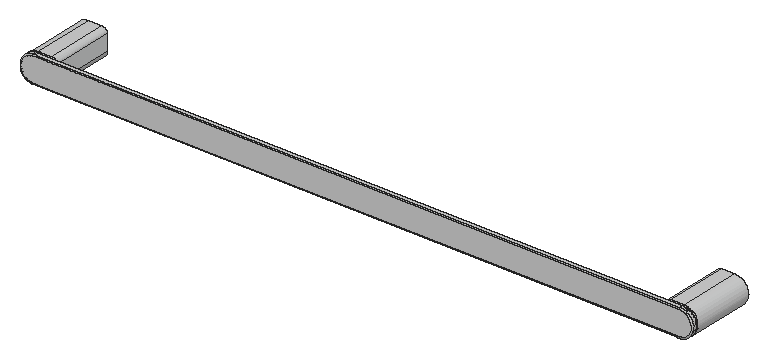
Revit family "TowelRail_SurfaceMount_Abey_Vela_Single", category Specialty Equipment, Revit 2021
Family settings
  Round Connector Dimension = Use Diameter
  Part Type = Normal
  OmniClass Number = 23.31.25.25
  OmniClass Title = Towel Bars
  Work Plane-Based = No
  Always vertical = Yes
  Cut with Voids When Loaded = No
  Shared = No
  Room Calculation Point = No
Parameters (values of type "Chrome (VSTR600)")
  Uniclass2015Version = "Products v1.33"
  Uniclass2015Title = "Towel rails"
  Uniclass2015Code = "Pr_40_20_76_90"
  URL = "https://www.abey.com.au/"
  Type Comments = "Chrome"
  ModifiedIssue = 20241025
  Model = "VSTR600"
  ManufacturerURLProductSpecific = "https://www.abey.com.au/product/bathroom/bathroom-accessories/vela-bathroom-accessories/vela-600mm-towel-rail/?attribute_pa_finish=chrome"
  ManufacturerSpecCode = Model  # "VSTR600"
  ManufacturerOverallWidth = 630 mm
  ManufacturerOverallHeight = 25 mm  # constant formula
  ManufacturerOverallDepth = 65 mm  # constant formula
  ManufacturerHeightFromFFL [instance] = 900 mm
  Manufacturer = "Abey"
  IfcExportType = "NOTDEFINED"
  IfcExportAs = "IfcFurniture"
  Description = "Vela Single Towel Rail Chrome 600mm"
  Default Elevation = 0 mm
  CreatedByURL = "https://igsgroup.com.au"
  CreatedBy = "IGS BIM Solutions"  # constant formula
  Material = Metal_Abey_Chrome
  Assembly Code = "C1030210"
Types (10, lengths in mm): name | Type Comments | Model | ManufacturerURLProductSpecific | ManufacturerSpecCode | ManufacturerOverallWidth | Description | Material
  Chrome (VSTR250) | "Chrome" | "VSTR250" | "https://www.abey.com.au/product/bathroom/bathroom-accessories/vela-bathroom-accessories/vela-250mm-towel-rail/?attribute_pa_finish=chrome" | "VSTR250" | 280 | "Vela Single Towel Rail Chrome 250mm" | Metal_Abey_Chrome
  Black (VSTR250-B) | "Black" | "VSTR250-B" | "https://www.abey.com.au/product/bathroom/bathroom-accessories/vela-bathroom-accessories/vela-250mm-towel-rail/?attribute_pa_finish=black" | "VSTR250-B" | 280 | "Vela Single Towel Rail Black 250mm" | Metal_Abey_Black
  Brushed Brass (VSTR250-BB) | "Brushed Brass" | "VSTR250-BB" | "https://www.abey.com.au/product/bathroom/bathroom-accessories/vela-bathroom-accessories/vela-250mm-towel-rail/?attribute_pa_finish=brushed-brass" | "VSTR250-BB" | 280 | "Vela Single Towel Rail Brushed Brass 250mm" | Metal_Abey_Brass
  Gun Metal (VSTR250-GM) | "Gun Metal" | "VSTR250-GM" | "https://www.abey.com.au/product/bathroom/bathroom-accessories/vela-bathroom-accessories/vela-250mm-towel-rail/?attribute_pa_finish=gun-metal" | "VSTR250-GM" | 280 | "Vela Single Towel Rail Gun Metal 250mm" | Metal_Abey_GunMetal
  Brushed Nickel (VSTR250-BN) | "Brushed Nickel" | "VSTR250-BN" | "https://www.abey.com.au/product/bathroom/bathroom-accessories/vela-bathroom-accessories/vela-250mm-towel-rail/?attribute_pa_finish=brushed-nickel-pvd" | "VSTR250-BN" | 280 | "Vela Single Towel Rail Brushed Nickel 250mm" | Metal_Abey_BrushedNickel
  Chrome (VSTR600) | "Chrome" | "VSTR600" | "https://www.abey.com.au/product/bathroom/bathroom-accessories/vela-bathroom-accessories/vela-600mm-towel-rail/?attribute_pa_finish=chrome" | "VSTR600" | 630 | "Vela Single Towel Rail Chrome 600mm" | Metal_Abey_Chrome
  Black (VSTR600-B) | "Black" | "VSTR600-B" | "https://www.abey.com.au/product/bathroom/bathroom-accessories/vela-bathroom-accessories/vela-600mm-towel-rail/?attribute_pa_finish=black" | "VSTR600-B" | 630 | "Vela Single Towel Rail Black 600mm" | Metal_Abey_Black
  Brushed Brass (VSTR600-BB) | "Brushed Brass" | "VSTR600-BB" | "https://www.abey.com.au/product/bathroom/bathroom-accessories/vela-bathroom-accessories/vela-600mm-towel-rail/?attribute_pa_finish=brushed-brass" | "VSTR600-BB" | 630 | "Vela Single Towel Rail Brushed Brass 600mm" | Metal_Abey_Brass
  Gun Metal (VSTR600-GM) | "Gun Metal" | "VSTR600-GM" | "https://www.abey.com.au/product/bathroom/bathroom-accessories/vela-bathroom-accessories/vela-600mm-towel-rail/?attribute_pa_finish=gun-metal" | "VSTR600-GM" | 630 | "Vela Single Towel Rail Gun Metal 600mm" | Metal_Abey_GunMetal
  Brushed Nickel (VSTR600-BN) | "Brushed Nickel" | "VSTR600-BN" | "https://www.abey.com.au/product/bathroom/bathroom-accessories/vela-bathroom-accessories/vela-600mm-towel-rail/?attribute_pa_finish=brushed-nickel-pvd" | "VSTR600-BN" | 630 | "Vela Single Towel Rail Brushed Nickel 600mm" | Metal_Abey_BrushedNickel
Reference planes
  plane 1 "Ref. Level": z = 0
  plane 2 "Right": x = -502.5
  plane 3 "Back": y = 43.5
  plane 4 "Front": y = -21.5
  plane 5 "Left": x = -1132.5
  plane 6 "Bottom": z = 887.5
  plane 7 "Center (Elevation)": z = 900
  plane 8 "Top": z = 912.5
  plane 9 "Center (Left/Right)": x = -817.5
Forms (mm)
  Extrusion 1, solid, material "Metal_Abey_Chrome" <- "Material"
    sketch origin (-15, -21.5, 0) x (1, 0, 0) y (0, 0, 1)
      loop
        arc (-1105, 912.5) -> (-1117.5, 900) -> (-1105, 887.5) r 12.5
        line (-1105, 887.5) -> (-500, 887.5)
        arc (-500, 887.5) -> (-487.5, 900) -> (-500, 912.5) r 12.5
        line (-500, 912.5) -> (-1105, 912.5)
    from -5 to 0
  Extrusion 2, solid, material "Metal_Abey_Chrome" <- "Material"
    sketch origin (-15, 43.5, 0) x (1, 0, 0) y (0, 0, 1)
      loop
        arc (-1105, 912.5) -> (-1117.5, 900) -> (-1105, 887.5) r 12.5
        line (-1105, 887.5) -> (-1092.5, 887.5)
        arc (-1092.5, 887.5) -> (-1088.964, 888.964) -> (-1087.5, 892.5) r 5
        line (-1087.5, 892.5) -> (-1087.5, 907.5)
        arc (-1087.5, 907.5) -> (-1088.964, 911.036) -> (-1092.5, 912.5) r 5
        line (-1092.5, 912.5) -> (-1105, 912.5)
      loop
        line (-500, 912.5) -> (-512.5, 912.5)
        arc (-512.5, 912.5) -> (-516.036, 911.036) -> (-517.5, 907.5) r 5
        line (-517.5, 907.5) -> (-517.5, 892.5)
        arc (-517.5, 892.5) -> (-516.036, 888.964) -> (-512.5, 887.5) r 5
        line (-512.5, 887.5) -> (-500, 887.5)
        arc (-500, 887.5) -> (-487.5, 900) -> (-500, 912.5) r 12.5
    from 0 to 60
  Sweep 3, void
    path origin (-15, -21.5, 0) x (1, 0, 0) y (0, 0, 1)
      loop
        line (-500, 912.5) -> (-1105, 912.5)
        arc (-1105, 912.5) -> (-1117.5, 900) -> (-1105, 887.5) r 12.5
        line (-1105, 887.5) -> (-500, 887.5)
        arc (-500, 887.5) -> (-487.5, 900) -> (-500, 912.5) r 12.5
    profile origin (-817.5, -21.5, 912.5) x (0, 0, -1) y (0, -1, 0)
      loop
        line (0, 0) -> (0, -1)
        arc (0, -1) -> (0.293, -0.293) -> (1, 0) r 1
        line (1, 0) -> (0, 0)
      loop
        line (0, -5) -> (1, -5)
        arc (1, -5) -> (0.293, -4.707) -> (0, -4) r 1
        line (0, -4) -> (0, -5)
  Sweep 4, void
    path origin (-15, -21.5, 0) x (1, 0, 0) y (0, 0, 1)
      loop
        line (-1092.5, 912.5) -> (-1105, 912.5)
        arc (-1105, 912.5) -> (-1117.5, 900) -> (-1105, 887.5) r 12.5
        line (-1105, 887.5) -> (-1092.5, 887.5)
        arc (-1092.5, 887.5) -> (-1088.964, 888.964) -> (-1087.5, 892.5) r 5
        line (-1087.5, 892.5) -> (-1087.5, 907.5)
        arc (-1087.5, 907.5) -> (-1088.964, 911.036) -> (-1092.5, 912.5) r 5
    profile origin (-1113.75, -21.5, 912.5) x (0, 0, -1) y (0, -1, 0)
      loop
        line (0, -5) -> (0, -6)
        arc (0, -6) -> (0.293, -5.293) -> (1, -5) r 1
        line (1, -5) -> (0, -5)
  Sweep 5, void
    path origin (-15, -21.5, 0) x (1, 0, 0) y (0, 0, 1)
      loop
        line (-500, 912.5) -> (-512.5, 912.5)
        arc (-512.5, 912.5) -> (-516.036, 911.036) -> (-517.5, 907.5) r 5
        line (-517.5, 907.5) -> (-517.5, 892.5)
        arc (-517.5, 892.5) -> (-516.036, 888.964) -> (-512.5, 887.5) r 5
        line (-512.5, 887.5) -> (-500, 887.5)
        arc (-500, 887.5) -> (-487.5, 900) -> (-500, 912.5) r 12.5
    profile origin (-521.25, -21.5, 912.5) x (0, 0, -1) y (0, -1, 0)
      loop
        line (0, -5) -> (0, -6)
        arc (0, -6) -> (0.293, -5.293) -> (1, -5) r 1
        line (1, -5) -> (0, -5)
Cuts and joins
  Sweep 3 cuts Extrusion 1
  Sweep 4, Sweep 5 cuts Extrusion 2
Lines and regions (mm)
  Masking region 1
    outline origin (719.236, -834, 912.5) x (-1, 0, 0) y (0, -1, 0)
      loop
        line (1851.736, -877.5) -> (1851.736, -818.5)
        arc (1851.736, -818.5) -> (1851.444, -817.793) -> (1850.736, -817.5) r 1
        arc (1850.736, -817.5) -> (1851.444, -817.207) -> (1851.736, -816.5) r 1
        line (1851.736, -816.5) -> (1851.736, -813.5)
        arc (1851.736, -813.5) -> (1851.444, -812.793) -> (1850.736, -812.5) r 1
        line (1850.736, -812.5) -> (1222.736, -812.5)
        arc (1222.736, -812.5) -> (1222.029, -812.793) -> (1221.736, -813.5) r 1
        line (1221.736, -813.5) -> (1221.736, -816.5)
        arc (1221.736, -816.5) -> (1222.029, -817.207) -> (1222.736, -817.5) r 1
        arc (1222.736, -817.5) -> (1222.029, -817.793) -> (1221.736, -818.5) r 1
        line (1221.736, -818.5) -> (1221.736, -877.5) -> (1251.736, -877.5) -> (1251.736, -818.5)
        arc (1251.736, -818.5) -> (1251.444, -817.793) -> (1250.736, -817.5) r 1
        line (1250.736, -817.5) -> (1822.736, -817.5)
        arc (1822.736, -817.5) -> (1822.029, -817.793) -> (1821.736, -818.5) r 1
        line (1821.736, -818.5) -> (1821.736, -877.5) -> (1851.736, -877.5)
  symbolic lines, style "Bathroom Fixtures", detail levels medium+fine
    curve 1: line (-1131.5, -16.5, 912.5) -> (-1103.5, -16.5, 912.5)
    curve 2: line (-531.5, -16.5, 912.5) -> (-503.5, -16.5, 912.5)
Text (mm)
  text "Disclaimer:\nDue to ongoing product development and manufacturing \nevolution, product details are subject to change without \nnotice. Please refer to product technical data sheets on \nthe manufacturers website for the most current product \ninformation. Please allow a +/- 5mm manufacturing \ntolerance for dimensions and set-outs shown in product \nliterature." at (-321.826, 177.396, 0), in view "Ref. Level"
Dimensions and locks
  "ManufacturerOverallDepth": plane 4 "Front" to plane 3 "Back"
  "ManufacturerOverallHeight": plane 8 "Top" to plane 6 "Bottom"
  "ManufacturerOverallWidth": plane 5 "Left" to plane 2 "Right"
  equal spacing: plane 5 "Left", plane 9 "Center (Left/Right)", plane 2 "Right"
  "ManufacturerHeightFromFFL": plane 7 "Center (Elevation)" to plane 1 "Ref. Level"
  equal spacing: plane 8 "Top", plane 7 "Center (Elevation)", plane 6 "Bottom", locked at 12.5 each
  aligned and locked: level to plane 1 "Ref. Level"
  aligned and locked: Extrusion 2 to Extrusion 1
Automatic sketch dimensions
  Extrusion 2 sketch curve to plane 8 "Top" = 0 mm  (x2)
  Extrusion 2 sketch curve to plane 6 "Bottom" = 0 mm  (x2)
  Extrusion 2 sketch curve to Extrusion 2 sketch curve = 5 mm
  Extrusion 2 sketch curve to plane 8 "Top" = 5 mm
  Extrusion 2 sketch curve to plane 6 "Bottom" = 5 mm  (x2)
  plane 5 "Left" to Extrusion 2 sketch curve = 30 mm
  plane 5 "Left" to Extrusion 2 sketch curve = 12.5 mm
  Extrusion 2 sketch curve to plane 2 "Right" = 30 mm
  Extrusion 2 sketch curve to Extrusion 2 sketch curve = 12.5 mm
  Extrusion 1 sketch curve to plane 7 "Center (Elevation)" = 0 mm
  Extrusion 1 sketch curve to plane 8 "Top" = 0 mm
  plane 5 "Left" to Extrusion 1 sketch curve = 12.5 mm
  Extrusion 1 sketch curve to plane 2 "Right" = 12.5 mm
  Sweep 3 sketch curve to plane 8 "Top" = 0 mm
  Sweep 3 sketch curve to plane 7 "Center (Elevation)" = 0 mm
  plane 5 "Left" to Sweep 3 sketch curve = 12.5 mm
  Sweep 3 sketch curve to plane 2 "Right" = 12.5 mm
  Sweep 4 sketch curve to plane 8 "Top" = 0 mm
  Sweep 4 sketch curve to plane 8 "Top" = 5 mm
  plane 5 "Left" to Sweep 4 sketch curve = 25 mm
  Sweep 4 sketch curve to Sweep 4 sketch curve = 12.5 mm
  Sweep 4 sketch curve to plane 6 "Bottom" = 5 mm
  Sweep 4 sketch curve to plane 6 "Bottom" = 0 mm
  Sweep 5 sketch curve to plane 8 "Top" = 0 mm
  Sweep 5 sketch curve to plane 8 "Top" = 5 mm
  Sweep 5 sketch curve to plane 2 "Right" = 12.5 mm
  Sweep 5 sketch curve to plane 6 "Bottom" = 5 mm
  Sweep 5 sketch curve to plane 6 "Bottom" = 0 mm
  Sweep 5 sketch curve to Sweep 5 sketch curve = 12.5 mm
  curve 2 to plane 2 "Right" = 1 mm
  curve 2 to plane 4 "Front" = 5 mm
  curve 2 to curve 2 = 28 mm
  plane 5 "Left" to curve 1 = 1 mm
  Sweep 3 sketch curve to plane 4 "Front" = 0 mm
  Sweep 3 sketch curve to profile plane = 0 mm  (x2)
  Sweep 3 sketch curve to Sweep 3 sketch curve = 1 mm
  Sweep 3 sketch curve to profile plane = 1 mm
  Sweep 3 sketch curve to Sweep 3 sketch curve = 3 mm
  Sweep 4 sketch curve to profile plane = 0 mm
  Sweep 4 sketch curve to profile plane = 1 mm
  Sweep 4 sketch curve to plane 4 "Front" = 6 mm
  Sweep 5 sketch curve to profile plane = 0 mm
  Sweep 5 sketch curve to profile plane = 1 mm
  Sweep 5 sketch curve to plane 4 "Front" = 6 mm
  Masking region 1 sketch curve to plane 2 "Right" = 0 mm  (x2)
  plane 4 "Front" to Masking region 1 sketch curve = 0 mm
  plane 3 "Back" to Masking region 1 sketch curve = 0 mm  (x2)
  Masking region 1 sketch curve to plane 5 "Left" = 0 mm  (x2)
  Masking region 1 sketch curve to plane 2 "Right" = 1 mm  (x2)
  Masking region 1 sketch curve to plane 4 "Front" = 6 mm  (x2)
  Masking region 1 sketch curve to Masking region 1 sketch curve = 28 mm
  Masking region 1 sketch curve to Masking region 1 sketch curve = 1 mm  (x4)
  plane 5 "Left" to Masking region 1 sketch curve = 30 mm
  plane 5 "Left" to Masking region 1 sketch curve = 1 mm  (x2)
  Masking region 1 sketch curve to Masking region 1 sketch curve = 5 mm  (x2)
  Masking region 1 sketch curve to Masking region 1 sketch curve = 0 mm  (x3)
  curve 1 to plane 4 "Front" = 5 mm
  curve 1 to curve 1 = 28 mm
